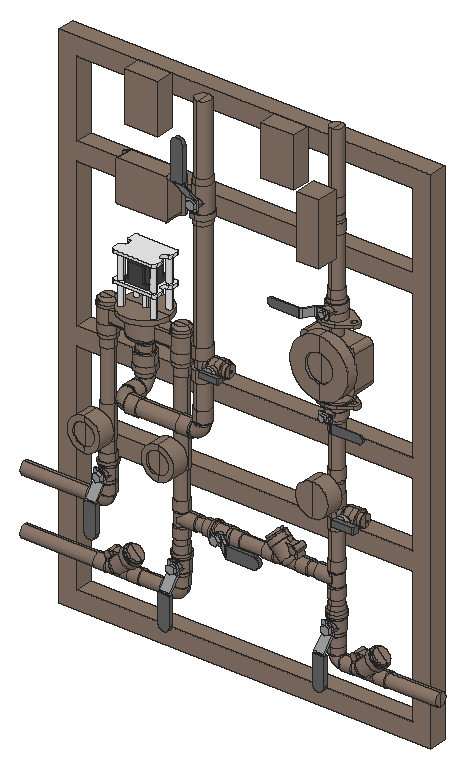
Revit family "Plumbing_Valves_Leonard-Valve_Proton-PNV-125-LF-M", category Pipe Accessories, Revit 2018
Family settings
  Round Connector Dimension = Use Diameter
  Part Type = Normal
  OmniClass Number = 23.65.55.14.24
  Work Plane-Based = Yes
  Always vertical = Yes
  Cut with Voids When Loaded = Yes
  Shared = No
Parameters (values of type "PNV-125-LF-M")
  Water Pressure Maximum = 125.0 psi  # constant formula
  URL = "http://www.leonardvalve.com"
  Product data url = "https://www.bimobject.com/leonardvalvecompany/product/megatron-pnv-125-lf"
  Product Page URL = "https://www.leonardvalve.com/products/lines/228/product/4872"
  Product Material = Bronze - Leonard Valve Company
  Product Guid = "e33a1542-0e7d-4b04-88ef-a8c0ea55b8a8"
  Piping Method = "Method W"  # constant formula
  Outlet Temperature Range = "65º - 180ºF"  # constant formula
  Outlet = 1 1/4"
  Offset = 0"
  Model = "PNV-125-LF-M"
  Mixed Water Outlet Flow [instance] = 0.0 GPM
  Minimum Flow Rate = 0.25 GPM  # constant formula
  Maximum Pressure Drop = 50.0 psi  # constant formula
  Maximum Flow Rate = 120.0 GPM  # constant formula
  Manufacturer = "Leonard Valve"  # constant formula
  Keynote = "15400"
  Inlet = 1"
  Hot Water Inlet Flow [instance] = 0.0 GPM
  Hot Inlet Temperature Range = "120º - 180ºF"  # constant formula
  Edition number = 1
  Description = "Proton-PNV-125-LF-M"
  Default Elevation = 48"
  Cold Water Inlet Flow [instance] = 0.0 GPM
  Cold Inlet Temperature Range = "39º - 80ºF"  # constant formula
  Assembly Code = "D2090800"
Reference planes (in)
  plane 1 "Center (Front/Back)": y = 0
  plane 2: z = 0
  plane 3 "Center (Left/Right)": x = 0
  plane 4: y = 0
Dimensions and locks (in)
  "Offset": plane 4 to plane 1 "Center (Front/Back)"
  aligned and locked: level to plane 2
  aligned and locked: plane 3 "Center (Left/Right)" to nested 1
  aligned and locked: nested 1 to plane 4
Nested families (in)
  nested 1: "MEGATRON-PNV-125-LF-M" at (0, 0, 0), type "MEGATRON-PNV-125-LF-M"
Connectors (in)
  piping at (-18.99892, -3.0125, 11.00845), diameter 1, driven by "Inlet", driven by "Hot Water Inlet Flow"
    settings: on nested 1, index 1, connector inside diameter 609.6 mm, connector length 0", flow factor 0, pipe flow 0.0 GPM, pressure drop 0.0 psi, fitting loss kfactor 0, connector angle 0.00°, fixture units 0, engagement length 0", angle of deflection 0.00°, flow configuration 0, flow direction 1, fitting loss method 0, system type 19, joint type 0, gender type 0, connector reference index -1, connector utility 0, adjustable connector no, is connector primary yes, connector description "Hot Water Inlet"
  piping at (-19, -3.0125, 5.80078), diameter 1, driven by "Inlet", driven by "Cold Water Inlet Flow"
    settings: on nested 1, index 2, connector inside diameter 609.6 mm, connector length 0", flow factor 0, pipe flow 0.0 GPM, pressure drop 0.0 psi, fitting loss kfactor 0, connector angle 0.00°, fixture units 0, engagement length 0", angle of deflection 0.00°, flow configuration 0, flow direction 1, fitting loss method 0, system type 20, joint type 0, gender type 0, connector reference index -1, connector utility 0, adjustable connector no, is connector primary no, connector description "Cold Water Inlet"
  piping at (19, -3.01427, 5.30469), diameter 1, driven by "Inlet", driven by "Cold Water Inlet Flow"
    settings: on nested 1, index 3, connector inside diameter 609.6 mm, connector length 0", flow factor 0, pipe flow 0.0 GPM, pressure drop 0.0 psi, fitting loss kfactor 0, connector angle 0.00°, fixture units 0, engagement length 0", angle of deflection 0.00°, flow configuration 0, flow direction 2, fitting loss method 0, system type 8, joint type 0, gender type 0, connector reference index -1, connector utility 0, adjustable connector no, is connector primary no, connector description "Return Outlet"
  piping at (9.50098, -3.0125, 49), diameter 1, driven by "Inlet", driven by "Cold Water Inlet Flow"
    settings: on nested 1, index 4, connector inside diameter 609.6 mm, connector length 0", flow factor 0, pipe flow 0.0 GPM, pressure drop 0.0 psi, fitting loss kfactor 0, connector angle 0.00°, fixture units 0, engagement length 0", angle of deflection 0.00°, flow configuration 0, flow direction 1, fitting loss method 0, system type 8, joint type 0, gender type 0, connector reference index -1, connector utility 0, adjustable connector no, is connector primary no, connector description "Return Inlet"
  piping at (-0.49982, -5.80906, 49.00236), diameter 1.25, driven by "Outlet", driven by "Mixed Water Outlet Flow"
    settings: on nested 1, index 5, connector inside diameter 609.6 mm, connector length 0", flow factor 0, pipe flow 0.0 GPM, pressure drop 0.0 psi, fitting loss kfactor 0, connector angle 0.00°, fixture units 0, engagement length 0", angle of deflection 0.00°, flow configuration 0, flow direction 2, fitting loss method 0, system type 7, joint type 0, gender type 0, connector reference index -1, connector utility 0, adjustable connector no, is connector primary no, connector description "Mixed Water Outlet"
Definition of nested family "MEGATRON-PNV-125-LF-M"
  Parameters (values of type "MEGATRON-PNV-125-LF-M")
    Product Material = none
  Reference planes (in)
    plane 1 "Center (Front/Back)": y = 0
    plane 2: z = 0
    plane 3 "Center (Left/Right)": x = 0
    plane 4 "Ref plane 1": y = -3.0125
    plane 5 "Ref. Plane 2": y = -5.80906
    plane 6 "vertical 1": x = -8
    plane 7 "Horizontal 1": z = 21.65941
  Forms (in)
    Revolve 1, solid, material <- "Product Material", detail levels fine
      sketch origin (-0.49982, -0.47656, 0) x (0, 1, 0) y (0, 0, 1)
        loop
          line (-5.3325, 49.00236) -> (-6.01267, 49.00236) -> (-6.01267, 42.694) -> (-6.08456, 42.694) -> (-6.08456, 42.1675) -> (-6.15318, 42.1675) -> (-6.15318, 39.88757) -> (-6.20174, 39.839) -> (-6.27278, 39.839) -> (-6.27278, 39.4015) -> (-6.0826, 39.4015) -> (-6.0826, 38.875) -> (-6.01267, 38.875) -> (-6.01267, 28.85) -> (-6.12, 28.85) -> (-6.12, 27.85) -> (-5.88563, 27.85) -> (-5.88563, 27.001) -> (-6.12781, 27.001) -> (-6.12781, 26.001) -> (-6.01658, 26.001) -> (-6.01658, 23.67) -> (-6.07627, 23.67) -> (-6.07627, 22.65531)
          arc (-6.07627, 22.65531) -> (-6.06628, 22.62611) -> (-6.04048, 22.60917) r 0.04763
          line (-6.04048, 22.60917) -> (-5.3325, 22.60917) -> (-5.3325, 49.00236)
        axis (-5.3325, 49.00236) -> (-5.3325, 22.60917)
      angle from 0 to 360
    Revolve 2, solid, material <- "Product Material", detail levels fine
      sketch origin (9.50098, 6.88692, 0) x (0, 0, -1) y (0, 1, 0)
        loop
          line (-5.831, -9.89942) -> (-5.831, -9.33916)
          arc (-5.831, -9.33916) -> (-5.85623, -9.32803) -> (-5.8771, -9.31) r 0.09319
          arc (-5.8771, -9.31) -> (-5.89837, -9.28484) -> (-5.92994, -9.27543) r 0.05766
          line (-5.92994, -9.27543) -> (-6.555, -9.27543) -> (-6.555, -9.24432) -> (-7.43348, -9.24432) -> (-7.46056, -9.21724) -> (-7.7174, -9.21724) -> (-7.74718, -9.18747) -> (-8.80028, -9.18747) -> (-8.85306, -9.13469) -> (-9.05138, -9.13469) -> (-9.05138, -9.09992) -> (-9.24475, -9.09992) -> (-9.24475, -9.14688) -> (-9.53642, -9.14688) -> (-9.53642, -9.24902) -> (-9.901, -9.24902) -> (-9.901, -9.33166) -> (-10.44, -9.33166) -> (-10.44, -9.26175) -> (-11.32848, -9.26175)
          arc (-11.32848, -9.26175) -> (-11.38868, -9.27663) -> (-11.43502, -9.31785) r 0.12922
          arc (-11.43502, -9.31785) -> (-11.45032, -9.32807) -> (-11.46836, -9.33166) r 0.04715
          line (-11.46836, -9.33166) -> (-12.54315, -9.33166) -> (-12.59782, -9.28579)
          arc (-12.59782, -9.28579) -> (-12.62844, -9.26811) -> (-12.66326, -9.26197) r 0.10181
          line (-12.66326, -9.26197) -> (-13.56, -9.26197) -> (-13.56, -9.33372) -> (-16.125, -9.33372) -> (-16.125, -9.23325) -> (-17.125, -9.23325) -> (-17.125, -9.30805) -> (-17.975, -9.30805) -> (-17.975, -9.23218) -> (-18.975, -9.23218) -> (-18.975, -9.33261) -> (-19.91329, -9.33261) -> (-20.15571, -9.27205) -> (-21.065, -9.27205) -> (-21.065, -9.33218) -> (-24.2, -9.33218) -> (-24.2, -9.23418) -> (-24.95, -9.23418) -> (-24.95, -9.20293) -> (-25.25, -9.20293) -> (-25.25, -9.04506) -> (-25.91632, -9.04506) -> (-25.94911, -9.03928) -> (-25.97742, -9.01946) -> (-26.55, -9.01946) -> (-26.55, -8.51996) -> (-26.8, -8.51996) -> (-26.8, -8.71052) -> (-26.9, -8.71052) -> (-26.9, -9.37717) -> (-33.09896, -9.37717) -> (-33.09896, -9.01872) -> (-34.03005, -9.01872)
          arc (-34.03005, -9.01872) -> (-34.05035, -9.03626) -> (-34.07643, -9.04258) r 0.05701
          line (-34.07643, -9.04258) -> (-34.72816, -9.04258) -> (-34.75, -9.06442) -> (-34.75, -9.20154) -> (-35.05, -9.20154) -> (-35.07209, -9.23295) -> (-35.8, -9.23295) -> (-35.8, -9.33726) -> (-40.38014, -9.33726) -> (-40.38014, -9.27109) -> (-41.28434, -9.27109) -> (-41.48892, -9.33364) -> (-41.95509, -9.33364) -> (-41.99676, -9.29197) -> (-43.375, -9.29197) -> (-43.375, -9.33754) -> (-49, -9.33754) -> (-49, -9.89942) -> (-5.831, -9.89942)
        axis (-49, -9.89942) -> (-5.831, -9.89942)
      angle from 0 to 360
    Extrusion 3, solid, material <- "Product Material", detail levels fine
      sketch origin (0, 0, 0) x (1, 0, 0) y (0, 0, 1)
        loop
          line (17, 47) -> (-17, 47) -> (-17, 0) -> (17, 0) -> (17, 47)
        loop
          line (-15.375, 45.375) -> (-15.375, 38.375) -> (15.375, 38.375) -> (15.375, 45.375) -> (-15.375, 45.375)
        loop
          line (-15.375, 36.75) -> (-15.375, 23.25) -> (15.375, 23.25) -> (15.375, 36.75) -> (-15.375, 36.75)
        loop
          line (-15.375, 21.625) -> (-15.375, 15.625) -> (15.375, 15.625) -> (15.375, 21.625) -> (-15.375, 21.625)
        loop
          line (-15.375, 14) -> (-15.375, 1.625) -> (15.375, 1.625) -> (15.375, 14) -> (-15.375, 14)
      from 0 to 1.60625
    Revolve 4, solid, material <- "Product Material", detail levels fine
      sketch origin (-0.20312, -3.01427, -0.54687) x (1, 0, 0) y (0, 0, 1)
        loop
          line (19.20312, 5.85156) -> (10.45312, 5.85156) -> (10.45312, 5.21808) -> (11.43062, 5.21808) -> (11.43062, 5.269) -> (13.53562, 5.269) -> (13.53562, 5.21808) -> (14.51312, 5.21808) -> (14.51312, 5.28516) -> (19.20312, 5.28516) -> (19.20312, 5.85156)
        axis (10.45312, 5.85156) -> (19.20312, 5.85156)
      angle from 0 to 360
    Revolve 5, solid, material <- "Product Material", detail levels fine
      sketch origin (-16.73912, -3.02572, 0.37793) x (-1, 0, 0) y (0, 0, 1)
        loop
          line (-5.36412, 27.4735) -> (-5.36412, 11.35244) -> (-4.71619, 11.35244) -> (-4.71619, 12.25155) -> (-4.68577, 12.28196) -> (-4.68577, 12.5404) -> (-4.65593, 12.57024) -> (-4.65593, 13.62264) -> (-4.59827, 13.68031) -> (-4.59827, 13.87345) -> (-4.56738, 13.87345) -> (-4.56738, 14.06682) -> (-4.71558, 14.06682) -> (-4.71558, 14.72307) -> (-4.8002, 14.72307) -> (-4.8002, 15.74707) -> (-4.73818, 15.74707) -> (-4.73818, 18.74707) -> (-4.80093, 18.74707) -> (-4.80093, 23.39107) -> (-4.74935, 23.39107) -> (-4.74935, 24.21207) -> (-4.60555, 24.21207) -> (-4.60555, 24.54707) -> (-4.57342, 24.54707) -> (-4.57342, 25.41207) -> (-4.53832, 25.41207) -> (-4.53832, 26.77207) -> (-4.49859, 26.77207) -> (-4.49859, 26.9725) -> (-4.54412, 26.9725) -> (-4.54412, 27.2235) -> (-4.61412, 27.2235) -> (-4.82389, 27.4735) -> (-5.36412, 27.4735)
        axis (-5.36412, 27.4735) -> (-5.36412, 11.35244)
      angle from 0 to 360
    Revolve 6, solid, material <- "Product Material", detail levels fine
      sketch origin (0, -3.0125, -0.34375) x (0, 0, -1) y (-1, 0, 0)
        loop
          line (-6.14453, 19) -> (-6.14453, 5.2318) -> (-5.54318, 5.2318)
          arc (-5.54318, 5.2318) -> (-5.51852, 5.25712) -> (-5.50952, 5.29129) r 0.0694
          line (-5.50952, 5.29129) -> (-5.50952, 6.20135) -> (-5.58171, 6.20135) -> (-5.58171, 8.20133) -> (-5.51297, 8.20133) -> (-5.51297, 9.17885) -> (-5.56729, 9.17885) -> (-5.56729, 11.28385) -> (-5.51297, 11.28385) -> (-5.51297, 12.26135) -> (-5.58164, 12.26135) -> (-5.58164, 19) -> (-6.14453, 19)
        axis (-6.14453, 19) -> (-6.14453, 5.2318)
      angle from 0 to 360
    Sweep 7, solid, material <- "Product Material", detail levels fine
      path origin (1.14062, -3.0125, -4.06458) x (1, 0, 0) y (0, 0, -1)
        loop
          line (-5.76953, -10.63521) -> (-5.76953, -10.5002)
          arc (-5.76953, -10.5002) -> (-5.95089, -10.06235) -> (-6.38874, -9.88099) r 0.61921
      profile origin (-4.62891, -3.0125, 6.50312) x (0, 1, 0) y (-1, 0, 0)
        loop
          circle (0, 0) r 0.57874
    Revolve 8, solid, material <- "Product Material", detail levels fine
      sketch origin (-7.23047, -3.0125, 4.88345) x (0, 0, -1) y (-1, 0, 0)
        loop
          line (-6.125, 11.76845) -> (-6.68001, 11.76845) -> (-6.68001, 5.715) -> (-6.74927, 5.715) -> (-6.74927, 4.80973)
          arc (-6.74927, 4.80973) -> (-6.74439, 4.7841) -> (-6.73045, 4.76205) r 0.06981
          line (-6.73045, 4.76205) -> (-6.125, 4.76205) -> (-6.125, 11.76845)
        axis (-6.125, 11.76845) -> (-6.125, 4.76205)
      angle from 0 to 360
    Sweep 9, solid, material <- "Product Material", detail levels fine
      path origin (-5.61226, -3.0125, 1.14442) x (1, 0, 0) y (0, 0, -1)
        loop
          line (-5.75, -10.58595) -> (-5.75, -10.45465)
          arc (-5.75, -10.45465) -> (-5.91984, -10.04461) -> (-6.32988, -9.87476) r 0.57988
          line (-6.32988, -9.87476) -> (-6.38026, -9.87476)
      profile origin (-11.36226, -3.0125, 11.66472) x (0, 1, 0) y (-1, 0, 0)
        loop
          circle (0, 0) r 0.5315
    Revolve 10, solid, material <- "Product Material", detail levels fine
      sketch origin (0, -3.0125, -0.40625) x (0, 0, -1) y (-1, 0, 0)
        loop
          line (-12.40937, -9.53014) -> (-11.77775, -9.53014) -> (-11.77775, -7.94) -> (-11.84828, -7.94) -> (-11.84828, -7.19) -> (-11.77781, -7.19) -> (-11.77781, -6.2125) -> (-11.828, -6.2125) -> (-11.828, -4.1075) -> (-11.77391, -4.1075) -> (-11.77391, -3.13) -> (-11.84365, -3.13) -> (-11.84365, -1.02465) -> (-11.75764, -1.02465) -> (-11.75764, -0.14982) -> (-11.72728, -0.11947) -> (-11.72728, 0.13799) -> (-11.69788, 0.16739) -> (-11.69788, 1.22012) -> (-11.6435, 1.27451) -> (-11.6435, 1.47173) -> (-11.6106, 1.47173) -> (-11.6106, 1.6651) -> (-11.7581, 1.6651) -> (-11.7581, 2.32135) -> (-11.84732, 2.32135) -> (-11.84732, 3.07318) -> (-11.77775, 3.07318) -> (-11.77775, 4.59968) -> (-12.40937, 4.59968) -> (-12.40937, -9.53014)
        axis (-12.40937, 4.59968) -> (-12.40937, -9.53014)
      angle from 0 to 360
    Extrusion 11, solid, material <- "Product Material", detail levels fine
      sketch origin (0, 0, 0) x (1, 0, 0) y (0, 0, 1)
        loop
          line (-9.7, 47) -> (-9.7, 42.5) -> (-6.7, 42.5) -> (-6.7, 47) -> (-9.7, 47)
        loop
          line (2.7625, 47) -> (2.7625, 42.5) -> (5.7625, 42.5) -> (5.7625, 47) -> (2.7625, 47)
      from 1.60625 to 3.25
    Extrusion 12, solid, material <- "Product Material", detail levels fine
      sketch origin (0, 0, 0) x (1, 0, 0) y (0, 0, 1)
        loop
          line (-10.6, 39.1875) -> (-10.6, 35.9375)
          arc (-10.6, 35.9375) -> (-10.52678, 35.76072) -> (-10.35, 35.6875) r 0.25
          line (-10.35, 35.6875) -> (-6.05, 35.6875)
          arc (-6.05, 35.6875) -> (-5.87322, 35.76072) -> (-5.8, 35.9375) r 0.25
          line (-5.8, 35.9375) -> (-5.8, 39.1875)
          arc (-5.8, 39.1875) -> (-5.87322, 39.36428) -> (-6.05, 39.4375) r 0.25
          line (-6.05, 39.4375) -> (-10.35, 39.4375)
          arc (-10.35, 39.4375) -> (-10.52678, 39.36428) -> (-10.6, 39.1875) r 0.25
      from 1.60625 to 3.165
    Revolve 13, solid, material <- "Product Material", detail levels fine
      sketch origin (-0.25, -3.0125, 0.70312) x (0, 0, -1) y (-1, 0, 0)
        loop
          line (-27.36121, 5.55) -> (-26.97222, 5.55) -> (-26.97222, 6.13127)
          arc (-26.97222, 6.13127) -> (-26.93676, 6.21687) -> (-26.85116, 6.25233) r 0.12106
          line (-26.85116, 6.25233) -> (-25.2925, 6.25233)
          arc (-25.2925, 6.25233) -> (-25.20095, 6.29025) -> (-25.16303, 6.3818) r 0.12947
          line (-25.16303, 6.3818) -> (-25.16303, 6.67473)
          arc (-25.16303, 6.67473) -> (-25.14343, 6.74659) -> (-25.09006, 6.79855) r 0.14153
          line (-25.09006, 6.79855) -> (-24.60595, 7.06661)
          arc (-24.60595, 7.06661) -> (-24.54194, 7.09212) -> (-24.47359, 7.10081) r 0.27322
          line (-24.47359, 7.10081) -> (-23.89368, 7.10081)
          arc (-23.89368, 7.10081) -> (-23.85046, 7.08291) -> (-23.83256, 7.03969) r 0.06112
          line (-23.83256, 7.03969) -> (-23.83256, 6.9065)
          arc (-23.83256, 6.9065) -> (-23.81337, 6.86018) -> (-23.76705, 6.84099) r 0.06551
          line (-23.76705, 6.84099) -> (-22.79688, 6.84099) -> (-22.79688, 6.80948) -> (-22.34688, 6.80948) -> (-22.34688, 7.00026) -> (-21.89688, 7.00026) -> (-21.89688, 7.75) -> (-27.36121, 7.75) -> (-27.36121, 5.55)
        axis (-27.36121, 7.75) -> (-21.89688, 7.75)
      angle from 0 to 360
    Revolve 14, solid, material <- "Product Material", detail levels fine
      sketch origin (0, -5.80223, 0) x (0, 0, 1) y (-1, 0, 0)
        loop
          line (22.41841, 2.4) -> (22.34719, 2.4) -> (22.34719, 6.15) -> (22.41841, 6.15) -> (22.41841, 7.11759)
          arc (22.41841, 7.11759) -> (22.40966, 7.15294) -> (22.38544, 7.18012) r 0.07578
          arc (22.38544, 7.18012) -> (22.35905, 7.20851) -> (22.34737, 7.24547) r 0.0882
          line (22.34737, 7.24547) -> (21.65941, 7.24547) -> (21.65941, 1.28084) -> (22.3615, 1.28084)
          arc (22.3615, 1.28084) -> (22.40174, 1.29751) -> (22.41841, 1.33775) r 0.05691
          line (22.41841, 1.33775) -> (22.41841, 2.4)
        axis (21.65941, 7.24547) -> (21.65941, 1.28084)
      angle from 0 to 360
    Sweep 15, solid, material <- "Product Material", detail levels fine
      path origin (0, -5.3325, 0) x (0, 0, 1) y (-1, 0, 0)
        loop
          line (22.60917, 0.49982) -> (22.37935, 0.49982)
          arc (22.37935, 0.49982) -> (21.87027, 0.71068) -> (21.65941, 1.21975) r 0.71994
          line (21.65941, 1.21975) -> (21.65941, 1.2831)
      profile origin (-0.49982, -5.3325, 22.49426) x (0, -1, 0) y (1, 0, 0)
        loop
          circle (0.46875, 0) r 0.6063
    Sweep 16, solid, material <- "Product Material", detail levels fine
      path origin (-0.21007, -0.38782, 21.39671) x (0, 1, 0) y (-1, 0, 0)
        loop
          arc (-5.41468, 6.96593) -> (-5.16799, 7.56149) -> (-4.57244, 7.80817) r 0.84224
          line (-4.57244, 7.80817) -> (-4.47468, 7.80817)
      profile origin (-8.01824, -4.91138, 21.39671) x (-1, 0, 0) y (0, 0, 1)
        loop
          circle (0, 0.26562) r 0.66929
    Revolve 17, solid, material <- "Product Material", detail levels fine
      sketch origin (0, 0, 21.66234) x (0, 1, 0) y (-1, 0, 0)
        loop
          line (-4.8625, 7.99776) -> (-3.76441, 7.99776) -> (-3.76441, 8.68913)
          arc (-3.76441, 8.68913) -> (-3.80497, 8.70181) -> (-3.8352, 8.73167) r 0.09006
          arc (-3.8352, 8.73167) -> (-3.85762, 8.75312) -> (-3.88765, 8.76092) r 0.06165
          line (-3.88765, 8.76092) -> (-4.8625, 8.76092) -> (-4.8625, 7.99776)
        axis (-3.76441, 7.99776) -> (-4.8625, 7.99776)
      angle from 0 to 360
    Extrusion 18, solid, material <- "Product Material", detail levels fine
      sketch origin (-0.40234, 0, 0) x (1, 0, 0) y (0, 1, 0)
        loop
          line (11.76434, -2.61519) -> (10.67155, -1.87437)
          arc (10.67155, -1.87437) -> (9.9, -1.6375) -> (9.12845, -1.87437) r 1.375
          line (9.12845, -1.87437) -> (8.03566, -2.61519)
          arc (8.03566, -2.61519) -> (7.825, -3.0125) -> (8.03566, -3.40981) r 0.48
          line (8.03566, -3.40981) -> (9.12845, -4.15063)
          arc (9.12845, -4.15063) -> (9.9, -4.3875) -> (10.67155, -4.15063) r 1.375
          line (10.67155, -4.15063) -> (11.76434, -3.40981)
          arc (11.76434, -3.40981) -> (11.975, -3.0125) -> (11.76434, -2.61519) r 0.48
        loop
          circle (8.305, -3.0125) r 0.25
        loop
          circle (11.495, -3.0125) r 0.25
      from 26.55 to 26.8
    Extrusion 19, solid, material <- "Product Material", detail levels fine
      sketch origin (-0.39844, 0, 0) x (1, 0, 0) y (0, 1, 0)
        loop
          line (11.76434, -2.61519) -> (10.67155, -1.87437)
          arc (10.67155, -1.87437) -> (9.9, -1.6375) -> (9.12845, -1.87437) r 1.375
          line (9.12845, -1.87437) -> (8.03566, -2.61519)
          arc (8.03566, -2.61519) -> (7.825, -3.0125) -> (8.03566, -3.40981) r 0.48
          line (8.03566, -3.40981) -> (9.12845, -4.15063)
          arc (9.12845, -4.15063) -> (9.9, -4.3875) -> (10.67155, -4.15063) r 1.375
          line (10.67155, -4.15063) -> (11.76434, -3.40981)
          arc (11.76434, -3.40981) -> (11.975, -3.0125) -> (11.76434, -2.61519) r 0.48
        loop
          circle (8.305, -3.0125) r 0.25
        loop
          circle (11.495, -3.0125) r 0.25
      from 33.45 to 33.2
    Extrusion 20, solid, material <- "Product Material", detail levels fine
      sketch origin (-0.40625, 0, 0) x (1, 0, 0) y (0, 0, 1)
        loop
          arc (7.9, 32) -> (7.54645, 31.85355) -> (7.4, 31.5) r 0.5
          line (7.4, 31.5) -> (7.4, 28.5)
          arc (7.4, 28.5) -> (7.54645, 28.14645) -> (7.9, 28) r 0.5
          line (7.9, 28) -> (11.9, 28)
          arc (11.9, 28) -> (12.25355, 28.14645) -> (12.4, 28.5) r 0.5
          line (12.4, 28.5) -> (12.4, 31.5)
          arc (12.4, 31.5) -> (12.25355, 31.85355) -> (11.9, 32) r 0.5
          line (11.9, 32) -> (7.9, 32)
      from 2.0125 to 4.0125
    Revolve 21, solid, material <- "Product Material", detail levels fine
      sketch origin (9.48437, 0, 0) x (0, 1, 0) y (0, 0, 1)
        loop
          line (-4.8125, 30) -> (-4.0125, 30) -> (-4.0125, 32.65) -> (-5.0125, 32.65) -> (-5.0125, 31.24905) -> (-4.8125, 31.24905) -> (-4.8125, 30)
        axis (-4.0125, 30) -> (-5.0125, 30)
      angle from 0 to 360
    Revolve 22, solid, material <- "Product Material", detail levels fine
      sketch origin (-11.375, 0.375, -1.25) x (0, 1, 0) y (0, 0, 1)
        loop
          line (-3.86225, 18.875) -> (-6.1, 18.875) -> (-6.1, 17.875) -> (-6.2, 17.875) -> (-6.2, 17.375) -> (-4.7, 17.375) -> (-4.7, 18.73759)
          arc (-4.7, 18.73759) -> (-4.66464, 18.72295) -> (-4.65, 18.68759) r 0.05
          line (-4.65, 18.68759) -> (-4.65, 18.44199) -> (-4.37983, 18.44199) -> (-4.35267, 18.5) -> (-4.24633, 18.5) -> (-4.24633, 18.56237) -> (-3.86225, 18.56237) -> (-3.86225, 18.875)
        axis (-3.86225, 18.875) -> (-6.2, 18.875)
      angle from 0 to 360
    Revolve 23, solid, material <- "Product Material", detail levels fine
      sketch origin (9.49608, 0.38367, 0.68947) x (0, 1, 0) y (0, 0, 1)
        loop
          line (-3.56516, 18.875) -> (-6.205, 18.875) -> (-6.205, 17.375) -> (-4.705, 17.375) -> (-4.705, 18.75247)
          arc (-4.705, 18.75247) -> (-4.66916, 18.73178) -> (-4.655, 18.69288) r 0.06051
          line (-4.655, 18.69288) -> (-4.655, 18.44175) -> (-4.35278, 18.44175) -> (-4.35278, 18.49962) -> (-4.255, 18.49962) -> (-4.255, 18.57018) -> (-3.56516, 18.57018) -> (-3.56516, 18.875)
        axis (-3.56516, 18.875) -> (-6.205, 18.875)
      angle from 0 to 360
    Revolve 24, solid, material <- "Product Material", detail levels fine
      sketch origin (-4.93785, -3.0125, 6.02715) x (0, 0, -1) y (1, 0, 0)
        loop
          line (-7.72581, 8.71989) -> (-5.85018, 10.59551) -> (-6.08078, 10.82612)
          arc (-6.08078, 10.82612) -> (-6.43434, 10.97257) -> (-6.78789, 10.82612) r 0.5
          line (-6.78789, 10.82612) -> (-7.69125, 9.92277) -> (-7.72816, 9.95968) -> (-8.09861, 9.58923)
          arc (-8.09861, 9.58923) -> (-8.11017, 9.56725) -> (-8.10723, 9.54258) r 0.04184
          arc (-8.10723, 9.54258) -> (-8.14949, 9.5381) -> (-8.14799, 9.49563) r 0.03117
          line (-8.14799, 9.49563) -> (-8.07098, 9.41861)
          arc (-8.07098, 9.41861) -> (-8.0606, 9.39357) -> (-8.07098, 9.36852) r 0.03542
          line (-8.07098, 9.36852) -> (-8.22271, 9.21679) -> (-7.72581, 8.71989)
        axis (-7.72581, 8.71989) -> (-5.85018, 10.59551)
      angle from 0 to 360
    Extrusion 25, solid, material <- "Product Material", detail levels fine
      sketch origin (-4.72582, 0, 6.00173) x (-1, 0, 0) y (0, 0, -1)
        loop
          line (-10.56519, -7.42034) -> (-9.87799, -7.42034) -> (-10.48876, -6.80957)
          arc (-10.48876, -6.80957) -> (-10.61744, -6.6445) -> (-10.68832, -6.44757) r 0.66363
          line (-10.68832, -6.44757) -> (-10.93832, -6.44757) -> (-10.93832, -6.51266) -> (-11.00705, -6.51266) -> (-10.94101, -7.14101)
          arc (-10.94101, -7.14101) -> (-10.45503, -6.87964) -> (-10.56519, -7.42034) r 0.30469
      from 2.63383 to 3.38383
    Extrusion 26, solid, material <- "Product Material", detail levels fine
      sketch origin (-4.72582, 0, 6.00173) x (-1, 0, 0) y (0, 0, -1)
        loop
          circle (-10.63678, -7.12418) r 0.30469
      from 2.43258 to 3.58508
    Revolve 27, solid, material <- "Product Material", detail levels fine
      sketch origin (-0.13672, -5.80125, 1) x (0, 0, 1) y (-1, 0, 0)
        loop
          line (26.52875, -2.1375) -> (26.975, -2.1375) -> (26.975, -2.0675) -> (26.975, -1.6875) -> (27.15228, -1.6875)
          arc (27.15228, -1.6875) -> (27.16848, -1.68079) -> (27.17519, -1.66459) r 0.02291
          line (27.17519, -1.66459) -> (27.17519, -1.1875) -> (27.1257, -1.1875) -> (27.1257, -0.60999)
          arc (27.1257, -0.60999) -> (27.11911, -0.59409) -> (27.10321, -0.5875) r 0.02249
          line (27.10321, -0.5875) -> (27.05013, -0.5875) -> (27.05013, -0.40868)
          arc (27.05013, -0.40868) -> (27.04392, -0.3937) -> (27.02894, -0.3875) r 0.02118
          line (27.02894, -0.3875) -> (26.92579, -0.3875) -> (26.92579, 0.28157) -> (26.42845, 0.28157) -> (26.42845, -2.2575) -> (26.50007, -2.2575) -> (26.50007, -2.16619)
          arc (26.50007, -2.16619) -> (26.50847, -2.1459) -> (26.52875, -2.1375) r 0.02869
        axis (26.42845, 0.28157) -> (26.42845, -2.2575)
      angle from 0 to 360
    Extrusion 28, solid, detail levels fine
      sketch origin (-9.94609, -0.46875, 9.675) x (1, 0, 0) y (0, 0, 1)
        loop
          circle (10.949, 17.74749) r 0.5
      from 6.3825 to 6.6825
    Extrusion 29, solid, detail levels fine
      sketch origin (-10.08672, 0, 9.675) x (1, 0, 0) y (0, 1, 0)
        loop
          line (10.6402, -7.1525) -> (10.6402, -7.5525) -> (12.22862, -7.5525)
          arc (12.22862, -7.5525) -> (12.30446, -7.52443) -> (12.34375, -7.45376) r 0.11649
          line (12.34375, -7.45376) -> (12.3902, -7.1525) -> (10.6402, -7.1525)
      from 17.526 to 17.976
    Extrusion 30, solid, detail levels fine
      sketch origin (-0.25, 0, 0.70312) x (1, 0, 0) y (0, 1, 0)
        loop
          line (-6, -1.60625) -> (-9.5, -1.60625)
          arc (-9.5, -1.60625) -> (-9.67678, -1.67947) -> (-9.75, -1.85625) r 0.25
          line (-9.75, -1.85625) -> (-9.75, -2.39089)
          arc (-9.75, -2.39089) -> (-9.68574, -2.55822) -> (-9.526, -2.63953) r 0.25
          arc (-9.526, -2.63953) -> (-9.19, -3.0125) -> (-9.526, -3.38547) r 0.375
          arc (-9.526, -3.38547) -> (-9.68574, -3.46678) -> (-9.75, -3.63411) r 0.25
          line (-9.75, -3.63411) -> (-9.75, -4.16875)
          arc (-9.75, -4.16875) -> (-9.67678, -4.34553) -> (-9.5, -4.41875) r 0.25
          line (-9.5, -4.41875) -> (-6, -4.41875)
          arc (-6, -4.41875) -> (-5.82322, -4.34553) -> (-5.75, -4.16875) r 0.25
          line (-5.75, -4.16875) -> (-5.75, -3.63411)
          arc (-5.75, -3.63411) -> (-5.81426, -3.46678) -> (-5.974, -3.38547) r 0.25
          arc (-5.974, -3.38547) -> (-6.31, -3.0125) -> (-5.974, -2.63953) r 0.375
          arc (-5.974, -2.63953) -> (-5.81426, -2.55822) -> (-5.75, -2.39089) r 0.25
          line (-5.75, -2.39089) -> (-5.75, -1.85625)
          arc (-5.75, -1.85625) -> (-5.82322, -1.67947) -> (-6, -1.60625) r 0.25
      from 31.75 to 32
    Extrusion 31, solid, detail levels fine
      sketch origin (-0.25, 0, -1.79688) x (1, 0, 0) y (0, 1, 0)
        loop
          line (-6, -1.60625) -> (-9.5, -1.60625)
          arc (-9.5, -1.60625) -> (-9.67678, -1.67947) -> (-9.75, -1.85625) r 0.25
          line (-9.75, -1.85625) -> (-9.75, -2.39089)
          arc (-9.75, -2.39089) -> (-9.68574, -2.55822) -> (-9.526, -2.63953) r 0.25
          arc (-9.526, -2.63953) -> (-9.19, -3.0125) -> (-9.526, -3.38547) r 0.375
          arc (-9.526, -3.38547) -> (-9.68574, -3.46678) -> (-9.75, -3.63411) r 0.25
          line (-9.75, -3.63411) -> (-9.75, -4.16875)
          arc (-9.75, -4.16875) -> (-9.67678, -4.34553) -> (-9.5, -4.41875) r 0.25
          line (-9.5, -4.41875) -> (-6, -4.41875)
          arc (-6, -4.41875) -> (-5.82322, -4.34553) -> (-5.75, -4.16875) r 0.25
          line (-5.75, -4.16875) -> (-5.75, -3.63411)
          arc (-5.75, -3.63411) -> (-5.81426, -3.46678) -> (-5.974, -3.38547) r 0.25
          arc (-5.974, -3.38547) -> (-6.31, -3.0125) -> (-5.974, -2.63953) r 0.375
          arc (-5.974, -2.63953) -> (-5.81426, -2.55822) -> (-5.75, -2.39089) r 0.25
          line (-5.75, -2.39089) -> (-5.75, -1.85625)
          arc (-5.75, -1.85625) -> (-5.82322, -1.67947) -> (-6, -1.60625) r 0.25
      from 31.75 to 32
    Extrusion 32, solid, detail levels fine
      sketch origin (-0.25, -3.75, 0.70312) x (1, 0, 0) y (0, 1, 0)
        loop
          circle (-9.25104, 1.64308) r 0.25
        loop
          circle (-6.25104, 1.64308) r 0.25
        loop
          circle (-9.25104, -0.16808) r 0.25
        loop
          circle (-6.25104, -0.16808) r 0.25
      from 27.36 to 31.75
    Extrusion 33, solid, detail levels fine
      sketch origin (-0.25, 0, 30.20312) x (1, 0, 0) y (0, 1, 0)
        loop
          arc (-6.81, -4.1225) -> (-6.68979, -4.07271) -> (-6.64, -3.9525) r 0.17
          line (-6.64, -3.9525) -> (-6.64, -2.0725)
          arc (-6.64, -2.0725) -> (-6.68979, -1.95229) -> (-6.81, -1.9025) r 0.17
          line (-6.81, -1.9025) -> (-8.69, -1.9025)
          arc (-8.69, -1.9025) -> (-8.81021, -1.95229) -> (-8.86, -2.0725) r 0.17
          line (-8.86, -2.0725) -> (-8.86, -3.9525)
          arc (-8.86, -3.9525) -> (-8.81021, -4.07271) -> (-8.69, -4.1225) r 0.17
          line (-8.69, -4.1225) -> (-6.81, -4.1225)
      from 0 to 0.3937
    Extrusion 34, solid, detail levels fine
      sketch origin (-0.25, 0, 30.20312) x (1, 0, 0) y (0, 1, 0)
        loop
          line (-8.37589, -4.1225) -> (-7.12411, -4.1225)
          arc (-7.12411, -4.1225) -> (-7.04059, -4.08791) -> (-7.006, -4.00439) r 0.11811
          line (-7.006, -4.00439) -> (-7.006, -3.95335)
          arc (-7.006, -3.95335) -> (-6.94834, -3.81416) -> (-6.80915, -3.7565) r 0.19685
          line (-6.80915, -3.7565) -> (-6.75811, -3.7565)
          arc (-6.75811, -3.7565) -> (-6.67459, -3.72191) -> (-6.64, -3.63839) r 0.11811
          line (-6.64, -3.63839) -> (-6.64, -2.38661)
          arc (-6.64, -2.38661) -> (-6.67459, -2.30309) -> (-6.75811, -2.2685) r 0.11811
          line (-6.75811, -2.2685) -> (-6.80915, -2.2685)
          arc (-6.80915, -2.2685) -> (-6.94834, -2.21084) -> (-7.006, -2.07165) r 0.19685
          line (-7.006, -2.07165) -> (-7.006, -2.02061)
          arc (-7.006, -2.02061) -> (-7.04059, -1.93709) -> (-7.12411, -1.9025) r 0.11811
          line (-7.12411, -1.9025) -> (-8.37589, -1.9025)
          arc (-8.37589, -1.9025) -> (-8.45941, -1.93709) -> (-8.494, -2.02061) r 0.11811
          line (-8.494, -2.02061) -> (-8.494, -2.07165)
          arc (-8.494, -2.07165) -> (-8.55166, -2.21084) -> (-8.69085, -2.2685) r 0.19685
          line (-8.69085, -2.2685) -> (-8.74189, -2.2685)
          arc (-8.74189, -2.2685) -> (-8.82541, -2.30309) -> (-8.86, -2.38661) r 0.11811
          line (-8.86, -2.38661) -> (-8.86, -3.63839)
          arc (-8.86, -3.63839) -> (-8.82541, -3.72191) -> (-8.74189, -3.7565) r 0.11811
          line (-8.74189, -3.7565) -> (-8.69085, -3.7565)
          arc (-8.69085, -3.7565) -> (-8.55166, -3.81416) -> (-8.494, -3.95335) r 0.19685
          line (-8.494, -3.95335) -> (-8.494, -4.00439)
          arc (-8.494, -4.00439) -> (-8.45941, -4.08791) -> (-8.37589, -4.1225) r 0.11811
      from 0.3937 to 1.78
    Extrusion 35, solid, material <- "Product Material", detail levels fine
      sketch origin (-0.40625, 0, 0.25) x (1, 0, 0) y (0, 0, 1)
        loop
          line (8.9, 44.45) -> (8.9, 38.8) -> (10.9, 38.8) -> (10.9, 44.45) -> (8.9, 44.45)
      from 4.32133 to 6.32133
    Extrusion 36, solid, detail levels fine
      sketch origin (-0.39844, -0.09375, 0) x (1, 0, 0) y (0, 0, 1)
        loop
          line (11.35043, 26.12333) -> (11.35043, 25.37043) -> (13.87105, 25.37043)
          arc (13.87105, 25.37043) -> (14.2475, 25.74688) -> (13.87105, 26.12333) r 0.37645
          line (13.87105, 26.12333) -> (11.35043, 26.12333)
      from 5.29024 to 5.3875
    Extrusion 37, solid, detail levels fine
      sketch origin (-0.39844, 0, 0) x (1, 0, 0) y (0, 0, 1)
        loop
          arc (9.40032, 25.48626) -> (9.42499, 25.40871) -> (9.49927, 25.37437) r 0.09958
          line (9.49927, 25.37437) -> (10.45043, 25.37437) -> (10.45043, 26.12546) -> (9.50002, 26.12546)
          arc (9.50002, 26.12546) -> (9.42952, 26.09626) -> (9.40032, 26.02576) r 0.0997
          line (9.40032, 26.02576) -> (9.40032, 25.48626)
      from 4.3875 to 4.4875
    Extrusion 38, solid, detail levels fine
      sketch origin (-0.39844, -0.09375, 0) x (1, 0, 0) y (0, 1, 0)
        loop
          arc (10.76121, -4.55264) -> (10.6264, -4.43135) -> (10.45043, -4.3875) r 0.375
          line (10.45043, -4.3875) -> (10.45043, -4.48795)
          arc (10.45043, -4.48795) -> (10.5791, -4.52027) -> (10.67766, -4.60906) r 0.275
          line (10.67766, -4.60906) -> (11.12186, -5.26685)
          arc (11.12186, -5.26685) -> (11.22102, -5.35595) -> (11.35043, -5.38795) r 0.275
          line (11.35043, -5.38795) -> (11.35043, -5.2875)
          arc (11.35043, -5.2875) -> (11.26831, -5.26704) -> (11.2054, -5.21043) r 0.175
          line (11.2054, -5.21043) -> (10.76121, -4.55264)
      from 25.37437 to 26.12546
    Extrusion 39, solid, detail levels fine
      sketch origin (-0.39844, 0, 0) x (1, 0, 0) y (0, 0, 1)
        loop
          line (9.6, 25.75) -> (9.75, 25.49019) -> (10.05, 25.49019) -> (10.2, 25.75) -> (10.05, 26.00981) -> (9.75, 26.00981) -> (9.6, 25.75)
      from 4.4875 to 4.7875
    Extrusion 40, solid, material <- "Product Material", detail levels fine
      sketch origin (-0.39062, 0, 0) x (1, 0, 0) y (0, 0, 1)
        loop
          circle (9.89891, 25.75087) r 0.39139
      from 3.0125 to 4.3875
    Extrusion 41, solid, detail levels fine
      sketch origin (-16.24612, -0.13281, 17.88077) x (0, 0, -1) y (1, 0, 0)
        loop
          arc (11.37306, 26.27268) -> (11.33248, 26.25587) -> (11.31567, 26.21529) r 0.05739
          line (11.31567, 26.21529) -> (11.31567, 25.28077)
          arc (11.31567, 25.28077) -> (11.33268, 25.2397) -> (11.37376, 25.22268) r 0.05809
          line (11.37376, 25.22268) -> (13.82027, 25.22268)
          arc (13.82027, 25.22268) -> (14.34527, 25.74768) -> (13.82027, 26.27268) r 0.525
          line (13.82027, 26.27268) -> (11.37306, 26.27268)
      from 4.6837 to 4.99688
    Extrusion 42, solid, detail levels fine
      sketch origin (-16.24612, 0.39398, 18.25101) x (0, 0, -1) y (1, 0, 0)
        loop
          arc (9.40032, 25.40958) -> (9.42499, 25.33203) -> (9.49927, 25.29768) r 0.09958
          line (9.49927, 25.29768) -> (10.42024, 25.29768) -> (10.42024, 26.26618) -> (10.17301, 26.26618) -> (10.17301, 26.19768) -> (10.01902, 26.19768)
          arc (10.01902, 26.19768) -> (9.70364, 26.06705) -> (9.57301, 25.75167) r 0.44601
          line (9.57301, 25.75167) -> (9.57301, 25.59768) -> (9.40032, 25.59768) -> (9.40032, 25.40958)
      from 4.3875 to 4.5125
    Extrusion 43, solid, detail levels fine
      sketch origin (-16.24612, 0.2973, 18.17966) x (0, 0, -1) y (0, 1, 0)
        loop
          arc (10.44766, -4.29358) -> (10.40132, -4.26774) -> (10.34889, -4.25957) r 0.15069
          line (10.34889, -4.25957) -> (10.34889, -4.37387) -> (11.47499, -5.31878)
          arc (11.47499, -5.31878) -> (11.51768, -5.34343) -> (11.56623, -5.35199) r 0.14194
          line (11.56623, -5.35199) -> (11.61456, -5.35199) -> (11.61456, -5.18881) -> (11.51456, -5.18881) -> (10.44766, -4.29358)
      from 25.29768 to 26.19768
    Extrusion 44, solid, detail levels fine
      sketch origin (-16.24807, 0, 17.83585) x (0, 0, -1) y (1, 0, 0)
        loop
          line (9.4004, 25.38768) -> (9.81609, 25.38768) -> (10.02393, 25.74768) -> (9.81609, 26.10768) -> (9.4004, 26.10768) -> (9.19255, 25.74768) -> (9.4004, 25.38768)
      from 4.13434 to 4.39633
    Extrusion 45, solid, detail levels fine
      sketch origin (-30.37906, -0.13281, 17.88294) x (0, 0, -1) y (1, 0, 0)
        loop
          arc (11.37306, 26.27268) -> (11.33248, 26.25587) -> (11.31567, 26.21529) r 0.05739
          line (11.31567, 26.21529) -> (11.31567, 25.28077)
          arc (11.31567, 25.28077) -> (11.33268, 25.2397) -> (11.37376, 25.22268) r 0.05809
          line (11.37376, 25.22268) -> (13.82027, 25.22268)
          arc (13.82027, 25.22268) -> (14.34527, 25.74768) -> (13.82027, 26.27268) r 0.525
          line (13.82027, 26.27268) -> (11.37306, 26.27268)
      from 4.6837 to 4.99688
    Extrusion 46, solid, detail levels fine
      sketch origin (-30.37906, 0.42523, 18.25317) x (0, 0, -1) y (1, 0, 0)
        loop
          arc (9.40032, 25.40958) -> (9.42499, 25.33203) -> (9.49927, 25.29768) r 0.09958
          line (9.49927, 25.29768) -> (10.42024, 25.29768) -> (10.42024, 26.26618) -> (10.16698, 26.26618) -> (10.16698, 26.19768) -> (9.91294, 26.19768)
          arc (9.91294, 26.19768) -> (9.57217, 25.99335) -> (9.53574, 25.59768) r 0.43917
          line (9.53574, 25.59768) -> (9.40032, 25.59768) -> (9.40032, 25.40958)
      from 4.4299 to 4.55957
    Extrusion 47, solid, detail levels fine
      sketch origin (-30.37906, 0.2973, 18.18183) x (0, 0, -1) y (0, 1, 0)
        loop
          arc (10.44766, -4.29358) -> (10.40132, -4.26774) -> (10.34889, -4.25957) r 0.15069
          line (10.34889, -4.25957) -> (10.34889, -4.37387) -> (11.47499, -5.31878)
          arc (11.47499, -5.31878) -> (11.51768, -5.34343) -> (11.56623, -5.35199) r 0.14194
          line (11.56623, -5.35199) -> (11.61456, -5.35199) -> (11.61456, -5.18881) -> (11.51456, -5.18881) -> (10.44766, -4.29358)
      from 25.29768 to 26.19768
    Extrusion 48, solid, detail levels fine
      sketch origin (-30.37906, 0, 17.83606) x (0, 0, -1) y (1, 0, 0)
        loop
          line (9.4004, 25.38768) -> (9.81609, 25.38768) -> (10.02393, 25.74768) -> (9.81609, 26.10768) -> (9.4004, 26.10768) -> (9.19255, 25.74768) -> (9.4004, 25.38768)
      from 4.12966 to 4.39633
    Extrusion 49, solid, material <- "Product Material", detail levels fine
      sketch origin (-0.40054, 0, -17.52468) x (1, 0, 0) y (0, 0, 1)
        loop
          circle (9.89891, 25.75087) r 0.45217
      from 3.0125 to 3.99352
    Extrusion 50, solid, material <- "Product Material", detail levels fine
      sketch origin (-14.52798, 0, -17.52468) x (1, 0, 0) y (0, 0, 1)
        loop
          circle (9.89891, 25.75087) r 0.45217
      from 3.0125 to 4.00466
    Extrusion 51, solid, detail levels fine
      sketch origin (-37.1258, -0.17969, 23.05223) x (0, 0, -1) y (1, 0, 0)
        loop
          arc (11.34466, 26.27268) -> (11.30408, 26.25587) -> (11.28727, 26.21529) r 0.05739
          line (11.28727, 26.21529) -> (11.28727, 25.28077)
          arc (11.28727, 25.28077) -> (11.30428, 25.2397) -> (11.34536, 25.22268) r 0.05809
          line (11.34536, 25.22268) -> (13.82027, 25.22268)
          arc (13.82027, 25.22268) -> (14.34527, 25.74768) -> (13.82027, 26.27268) r 0.525
          line (13.82027, 26.27268) -> (11.34466, 26.27268)
      from 4.64197 to 4.95514
    Extrusion 52, solid, detail levels fine
      sketch origin (-37.1258, 0.37836, 23.40685) x (0, 0, -1) y (1, 0, 0)
        loop
          arc (9.40032, 25.40958) -> (9.42499, 25.33203) -> (9.49927, 25.29768) r 0.09958
          line (9.49927, 25.29768) -> (10.42024, 25.29768) -> (10.42024, 26.26618) -> (10.16698, 26.26618) -> (10.16698, 26.19768) -> (9.91294, 26.19768)
          arc (9.91294, 26.19768) -> (9.57217, 25.99335) -> (9.53574, 25.59768) r 0.43917
          line (9.53574, 25.59768) -> (9.40032, 25.59768) -> (9.40032, 25.40958)
      from 4.3875 to 4.5125
    Extrusion 53, solid, detail levels fine
      sketch origin (-37.1258, 0.25042, 23.3355) x (0, 0, -1) y (0, 1, 0)
        loop
          arc (10.44766, -4.29358) -> (10.40132, -4.26774) -> (10.34889, -4.25957) r 0.15069
          line (10.34889, -4.25957) -> (10.34889, -4.37387) -> (11.47499, -5.31878)
          arc (11.47499, -5.31878) -> (11.51768, -5.34343) -> (11.56623, -5.35199) r 0.14194
          line (11.56623, -5.35199) -> (11.61456, -5.35199) -> (11.61456, -5.18881) -> (11.51456, -5.18881) -> (10.44766, -4.29358)
      from 25.29768 to 26.19768
    Extrusion 54, solid, detail levels fine
      sketch origin (-37.12187, 0, 23.03907) x (0, 0, -1) y (1, 0, 0)
        loop
          line (9.4004, 25.38768) -> (9.81609, 25.38768) -> (10.02393, 25.74768) -> (9.81609, 26.10768) -> (9.4004, 26.10768) -> (9.19255, 25.74768) -> (9.4004, 25.38768)
      from 4.13333 to 4.4
    Extrusion 55, solid, material <- "Product Material", detail levels fine
      sketch origin (-21.28059, 0, -12.32218) x (1, 0, 0) y (0, 0, 1)
        loop
          circle (9.89891, 25.75087) r 0.45217
      from 3.09107 to 4.00914
    Extrusion 56, solid, detail levels fine
      sketch origin (-10.2966, -0.17188, -13.74651) x (1, 0, 0) y (0, 0, 1)
        loop
          arc (11.37306, 26.27268) -> (11.33248, 26.25587) -> (11.31567, 26.21529) r 0.05739
          line (11.31567, 26.21529) -> (11.31567, 25.28077)
          arc (11.31567, 25.28077) -> (11.33268, 25.2397) -> (11.37376, 25.22268) r 0.05809
          line (11.37376, 25.22268) -> (13.84747, 25.22268)
          arc (13.84747, 25.22268) -> (14.37247, 25.74768) -> (13.84747, 26.27268) r 0.525
          line (13.84747, 26.27268) -> (11.37306, 26.27268)
      from 4.64978 to 4.96296
    Extrusion 57, solid, detail levels fine
      sketch origin (-10.62778, 0.38617, -13.74651) x (1, 0, 0) y (0, 0, 1)
        loop
          arc (9.40032, 25.40958) -> (9.42499, 25.33203) -> (9.49927, 25.29768) r 0.09958
          line (9.49927, 25.29768) -> (10.42024, 25.29768) -> (10.42024, 26.26618) -> (10.16698, 26.26618) -> (10.16698, 26.19768) -> (9.91294, 26.19768)
          arc (9.91294, 26.19768) -> (9.57217, 25.99335) -> (9.53574, 25.59768) r 0.43917
          line (9.53574, 25.59768) -> (9.40032, 25.59768) -> (9.40032, 25.40958)
      from 4.3875 to 4.5125
    Extrusion 58, solid, detail levels fine
      sketch origin (-10.55643, 0.25824, -13.74651) x (1, 0, 0) y (0, 1, 0)
        loop
          arc (10.44766, -4.29358) -> (10.40132, -4.26774) -> (10.34889, -4.25957) r 0.15069
          line (10.34889, -4.25957) -> (10.34889, -4.37672) -> (11.43202, -5.28558)
          arc (11.43202, -5.28558) -> (11.47471, -5.31022) -> (11.52326, -5.31878) r 0.14194
          line (11.52326, -5.31878) -> (11.57159, -5.31878) -> (11.57159, -5.15561) -> (11.47499, -5.15561) -> (10.44766, -4.29358)
      from 25.29768 to 26.19768
    Extrusion 59, solid, detail levels fine
      sketch origin (-10.25754, 0, -13.74651) x (1, 0, 0) y (0, 0, 1)
        loop
          line (9.4004, 25.38768) -> (9.81609, 25.38768) -> (10.02393, 25.74768) -> (9.81609, 26.10768) -> (9.4004, 26.10768) -> (9.19255, 25.74768) -> (9.4004, 25.38768)
      from 4.12966 to 4.39633
    Extrusion 60, solid, material <- "Product Material", detail levels fine
      sketch origin (25.10324, 0, 2.10511) x (0, 0, 1) y (-1, 0, 0)
        loop
          circle (9.89891, 25.75087) r 0.45217
      from 3.0125 to 4.00133
    Extrusion 61, solid, detail levels fine
      sketch origin (25.24768, -3.78935, 32.66121) x (0, 0, 1) y (-1, 0, 0)
        loop
          arc (10.72179, 26.27268) -> (10.68121, 26.25587) -> (10.6644, 26.21529) r 0.05739
          line (10.6644, 26.21529) -> (10.6644, 25.28077)
          arc (10.6644, 25.28077) -> (10.68141, 25.2397) -> (10.72248, 25.22268) r 0.05809
          line (10.72248, 25.22268) -> (13.82027, 25.22268)
          arc (13.82027, 25.22268) -> (14.34527, 25.74768) -> (13.82027, 26.27268) r 0.525
          line (13.82027, 26.27268) -> (10.72179, 26.27268)
      from 4.6837 to 4.99688
    Extrusion 62, solid, detail levels fine
      sketch origin (25.24768, -2.5442, 30.81952) x (0, 0, 1) y (-1, 0, 0)
        loop
          arc (9.40032, 25.40958) -> (9.42499, 25.33203) -> (9.49927, 25.29768) r 0.09958
          line (9.49927, 25.29768) -> (10.42024, 25.29768) -> (10.42024, 26.26618) -> (10.16698, 26.26618) -> (10.16698, 26.19768) -> (9.91294, 26.19768)
          arc (9.91294, 26.19768) -> (9.57217, 25.99335) -> (9.53574, 25.59768) r 0.43917
          line (9.53574, 25.59768) -> (9.40032, 25.59768) -> (9.40032, 25.40958)
      from 4.3875 to 4.5125
    Extrusion 63, solid, detail levels fine
      sketch origin (25.24768, -2.67214, 30.89087) x (0, 0, 1) y (0, 1, 0)
        loop
          arc (10.44766, -4.29358) -> (10.40132, -4.26774) -> (10.34889, -4.25957) r 0.15069
          line (10.34889, -4.25957) -> (10.34889, -4.37387) -> (12.29462, -6.00653)
          arc (12.29462, -6.00653) -> (12.33731, -6.03118) -> (12.38585, -6.03974) r 0.14194
          line (12.38585, -6.03974) -> (12.43475, -6.03974) -> (12.43475, -5.87656) -> (12.33419, -5.87656) -> (10.44766, -4.29358)
      from 25.29768 to 26.19768
    Extrusion 64, solid, detail levels fine
      sketch origin (25.24768, -3.08662, 31.18976) x (0, 0, 1) y (-1, 0, 0)
        loop
          line (9.4004, 25.38768) -> (9.81609, 25.38768) -> (10.02393, 25.74768) -> (9.81609, 26.10768) -> (9.4004, 26.10768) -> (9.19255, 25.74768) -> (9.4004, 25.38768)
      from 3.95445 to 4.22112
    Extrusion 65, solid, material <- "Product Material", detail levels fine
      sketch origin (9.39466, -3.10225, 66.55245) x (-1, 0, 0) y (0, 0, -1)
        loop
          circle (9.89891, 25.75087) r 0.45217
      from 3.0125 to 3.82945
    Extrusion 66, solid, detail levels fine
      sketch origin (19.39993, -0.09766, 8.49927) x (-1, 0, 0) y (0, 0, -1)
        loop
          line (11.35043, -26.12333) -> (13.87105, -26.12333)
          arc (13.87105, -26.12333) -> (14.2475, -25.74688) -> (13.87105, -25.37043) r 0.37645
          line (13.87105, -25.37043) -> (11.35043, -25.37043) -> (11.35043, -26.12333)
      from 5.29024 to 5.3875
    Extrusion 67, solid, detail levels fine
      sketch origin (19.39993, 0, 8.49927) x (-1, 0, 0) y (0, 0, -1)
        loop
          line (9.40032, -25.48626) -> (9.40032, -26.02576)
          arc (9.40032, -26.02576) -> (9.42952, -26.09626) -> (9.50002, -26.12546) r 0.0997
          line (9.50002, -26.12546) -> (10.45043, -26.12546) -> (10.45043, -25.37437) -> (9.49927, -25.37437)
          arc (9.49927, -25.37437) -> (9.42499, -25.40871) -> (9.40032, -25.48626) r 0.09958
      from 4.48516 to 4.58561
    Extrusion 68, solid, detail levels fine
      sketch origin (19.39993, -0.09766, 8.49927) x (-1, 0, 0) y (0, -1, 0)
        loop
          line (10.76121, 4.55264) -> (11.2054, 5.21043)
          arc (11.2054, 5.21043) -> (11.26831, 5.26704) -> (11.35043, 5.2875) r 0.175
          line (11.35043, 5.2875) -> (11.35043, 5.38795)
          arc (11.35043, 5.38795) -> (11.22102, 5.35595) -> (11.12186, 5.26685) r 0.275
          line (11.12186, 5.26685) -> (10.67766, 4.60906)
          arc (10.67766, 4.60906) -> (10.5791, 4.52027) -> (10.45043, 4.48795) r 0.275
          line (10.45043, 4.48795) -> (10.45043, 4.3875)
          arc (10.45043, 4.3875) -> (10.6264, 4.43135) -> (10.76121, 4.55264) r 0.375
      from 25.37437 to 26.12546
    Extrusion 69, solid, detail levels fine
      sketch origin (19.39993, 0, 8.49927) x (-1, 0, 0) y (0, 0, -1)
        loop
          line (9.6, -25.75) -> (9.75, -26.00981) -> (10.05, -26.00981) -> (10.2, -25.75) -> (10.05, -25.49019) -> (9.75, -25.49019) -> (9.6, -25.75)
      from 4.4875 to 4.7875
    Extrusion 70, solid, material <- "Product Material", detail levels fine
      sketch origin (0, 0, 0.4375) x (0, 1, 0) y (0, 0, 1)
        loop
          arc (-2.356, 26.63536) -> (-2.39365, 26.72626) -> (-2.48454, 26.7639) r 0.12854
          line (-2.48454, 26.7639) -> (-3.54082, 26.7639)
          arc (-3.54082, 26.7639) -> (-3.63139, 26.72639) -> (-3.6689, 26.63582) r 0.12808
          line (-3.6689, 26.63582) -> (-3.6689, 25.57591)
          arc (-3.6689, 25.57591) -> (-3.63235, 25.48766) -> (-3.5441, 25.4511) r 0.1248
          line (-3.5441, 25.4511) -> (-2.48181, 25.4511)
          arc (-2.48181, 25.4511) -> (-2.39285, 25.48795) -> (-2.356, 25.57692) r 0.12581
          line (-2.356, 25.57692) -> (-2.356, 26.63536)
      from -11.04349 to -4.70651
    Revolve 71, solid, material <- "Product Material", detail levels fine
      sketch origin (9.99837, -3.01322, -8.87565) x (0, 0, 1) y (-1, 0, 0)
        loop
          line (26.52875, -2.1375) -> (26.975, -2.1375) -> (26.975, -2.0675) -> (26.975, -1.6875) -> (27.15228, -1.6875)
          arc (27.15228, -1.6875) -> (27.16848, -1.68079) -> (27.17519, -1.66459) r 0.02291
          line (27.17519, -1.66459) -> (27.17519, -1.1875) -> (27.1257, -1.1875) -> (27.1257, -0.60999)
          arc (27.1257, -0.60999) -> (27.11911, -0.59409) -> (27.10321, -0.5875) r 0.02249
          line (27.10321, -0.5875) -> (27.05013, -0.5875) -> (27.05013, -0.40868)
          arc (27.05013, -0.40868) -> (27.04392, -0.3937) -> (27.02894, -0.3875) r 0.02118
          line (27.02894, -0.3875) -> (26.92579, -0.3875) -> (26.92579, 0.28157) -> (26.42845, 0.28157) -> (26.42845, -2.2575) -> (26.50007, -2.2575) -> (26.50007, -2.16619)
          arc (26.50007, -2.16619) -> (26.50847, -2.1459) -> (26.52875, -2.1375) r 0.02869
        axis (26.42845, 0.28157) -> (26.42845, -2.2575)
      angle from 0 to 360
    Extrusion 72, solid, detail levels fine
      sketch origin (0.04837, 0.3125, -0.20065) x (1, 0, 0) y (0, 0, 1)
        loop
          circle (10.949, 17.74749) r 0.5
      from 4.37133 to 4.67133
    Extrusion 73, solid, detail levels fine
      sketch origin (0.04837, 2.78515, -0.20065) x (1, 0, 0) y (0, 1, 0)
        loop
          line (10.4537, -7.1525) -> (10.4537, -7.64399) -> (12.30664, -7.64399)
          arc (12.30664, -7.64399) -> (12.37209, -7.61853) -> (12.40315, -7.55555) r 0.09687
          line (12.40315, -7.55555) -> (12.43838, -7.1525) -> (10.4537, -7.1525)
      from 17.46808 to 18.03321
    Extrusion 74, solid, material <- "Product Material", detail levels fine
      sketch origin (0.04837, 0.53321, -0.20065) x (1, 0, 0) y (0, 0, 1)
        loop
          circle (10.949, 17.74749) r 0.25
      from 3.55559 to 4.59204
    Revolve 75, solid, material <- "Product Material", detail levels fine
      sketch origin (-9.98912, -3.02572, 0.37793) x (-1, 0, 0) y (0, 0, 1)
        loop
          line (-5.36021, 27.4735) -> (-5.36021, 6.17707) -> (-4.70887, 6.17707) -> (-4.70887, 7.05233) -> (-4.67894, 7.08226) -> (-4.67894, 7.3402) -> (-4.65008, 7.36907) -> (-4.65008, 8.42538) -> (-4.59436, 8.48109) -> (-4.59436, 8.67423) -> (-4.56347, 8.67423) -> (-4.56347, 8.8676) -> (-4.71167, 8.8676) -> (-4.71167, 9.52385) -> (-4.79629, 9.52385) -> (-4.79629, 10.06207) -> (-4.72377, 10.06207) -> (-4.72377, 10.94308)
          arc (-4.72377, 10.94308) -> (-4.73277, 10.99414) -> (-4.75869, 11.03903) r 0.14927
          line (-4.75869, 11.03903) -> (-4.79434, 11.07468) -> (-4.79434, 12.17332) -> (-4.75762, 12.21004)
          arc (-4.75762, 12.21004) -> (-4.73278, 12.24547) -> (-4.72377, 12.28778) r 0.1085
          line (-4.72377, 12.28778) -> (-4.72377, 13.18207) -> (-4.79629, 13.18207) -> (-4.79629, 15.74707) -> (-4.73818, 15.74707) -> (-4.73818, 18.74707) -> (-4.80093, 18.74707) -> (-4.80093, 23.39107) -> (-4.74935, 23.39107) -> (-4.74935, 24.21207) -> (-4.60555, 24.21207) -> (-4.60555, 24.54707) -> (-4.57342, 24.54707) -> (-4.57342, 25.41207) -> (-4.53832, 25.41207) -> (-4.53832, 26.77207) -> (-4.49859, 26.77207) -> (-4.49859, 26.9725) -> (-4.54412, 26.9725) -> (-4.54412, 27.2235) -> (-4.61412, 27.2235) -> (-4.82389, 27.4735) -> (-5.36021, 27.4735)
        axis (-5.36021, 27.4735) -> (-5.36021, 6.17707)
      angle from 0 to 360
    Revolve 76, solid, material <- "Product Material", detail levels fine
      sketch origin (-0.13142, -3.0125, -0.17494) x (0, 0, -1) y (-1, 0, 0)
        loop
          line (-7.7279, 8.72198) -> (-5.85227, 10.59761) -> (-6.08078, 10.82612)
          arc (-6.08078, 10.82612) -> (-6.43434, 10.97257) -> (-6.78789, 10.82612) r 0.5
          line (-6.78789, 10.82612) -> (-7.69125, 9.92277) -> (-7.72816, 9.95968) -> (-8.09861, 9.58923)
          arc (-8.09861, 9.58923) -> (-8.11017, 9.56725) -> (-8.10723, 9.54258) r 0.04184
          arc (-8.10723, 9.54258) -> (-8.14949, 9.5381) -> (-8.14799, 9.49563) r 0.03117
          line (-8.14799, 9.49563) -> (-8.07098, 9.41861)
          arc (-8.07098, 9.41861) -> (-8.0606, 9.39357) -> (-8.07098, 9.36852) r 0.03542
          line (-8.07098, 9.36852) -> (-8.22271, 9.21679) -> (-7.7279, 8.72198)
        axis (-7.7279, 8.72198) -> (-5.85227, 10.59761)
      angle from 0 to 360
    Extrusion 77, solid, material <- "Product Material", detail levels fine
      sketch origin (-0.34344, 0, -0.20036) x (1, 0, 0) y (0, 0, 1)
        loop
          arc (-10.56519, 7.42034) -> (-10.45503, 6.87964) -> (-10.94101, 7.14101) r 0.30469
          line (-10.94101, 7.14101) -> (-11.00705, 6.51266) -> (-10.93832, 6.51266) -> (-10.93832, 6.44757) -> (-10.68832, 6.44757)
          arc (-10.68832, 6.44757) -> (-10.61744, 6.6445) -> (-10.48876, 6.80957) r 0.66363
          line (-10.48876, 6.80957) -> (-9.87799, 7.42034) -> (-10.56519, 7.42034)
      from 2.63383 to 3.38383
    Extrusion 78, solid, material <- "Product Material", detail levels fine
      sketch origin (-21.63508, 0, -0.09699) x (-1, 0, 0) y (0, 0, -1)
        loop
          circle (-10.65486, -7.02081) r 0.30469
      from 2.43258 to 3.58508
    Revolve 79, solid, material <- "Product Material", detail levels fine
      sketch origin (22.38409, -3.0125, -0.67909) x (0, 0, -1) y (-1, 0, 0)
        loop
          line (-7.7279, 8.72198) -> (-5.85227, 10.59761) -> (-6.08078, 10.82612)
          arc (-6.08078, 10.82612) -> (-6.43434, 10.97257) -> (-6.78789, 10.82612) r 0.5
          line (-6.78789, 10.82612) -> (-7.69125, 9.92277) -> (-7.72816, 9.95968) -> (-8.09861, 9.58923)
          arc (-8.09861, 9.58923) -> (-8.11017, 9.56725) -> (-8.10723, 9.54258) r 0.04184
          arc (-8.10723, 9.54258) -> (-8.14949, 9.5381) -> (-8.14799, 9.49563) r 0.03117
          line (-8.14799, 9.49563) -> (-8.07098, 9.41861)
          arc (-8.07098, 9.41861) -> (-8.0606, 9.39357) -> (-8.07098, 9.36852) r 0.03542
          line (-8.07098, 9.36852) -> (-8.22271, 9.21679) -> (-7.7279, 8.72198)
        axis (-7.7279, 8.72198) -> (-5.85227, 10.59761)
      angle from 0 to 360
    Extrusion 80, solid, material <- "Product Material", detail levels fine
      sketch origin (22.17206, 0, -0.70451) x (1, 0, 0) y (0, 0, 1)
        loop
          arc (-10.56519, 7.42034) -> (-10.45503, 6.87964) -> (-10.94101, 7.14101) r 0.30469
          line (-10.94101, 7.14101) -> (-11.00705, 6.51266) -> (-10.93832, 6.51266) -> (-10.93832, 6.44757) -> (-10.68832, 6.44757)
          arc (-10.68832, 6.44757) -> (-10.61744, 6.6445) -> (-10.48876, 6.80957) r 0.66363
          line (-10.48876, 6.80957) -> (-9.87799, 7.42034) -> (-10.56519, 7.42034)
      from 2.63383 to 3.38383
    Extrusion 81, solid, material <- "Product Material", detail levels fine
      sketch origin (0.88042, 0, -0.60113) x (-1, 0, 0) y (0, 0, -1)
        loop
          circle (-10.65486, -7.02081) r 0.30469
      from 2.43258 to 3.58508
    Revolve 82, solid, material <- "Product Material", detail levels fine
      sketch origin (-4.625, 0.375, -1.25) x (0, 1, 0) y (0, 0, 1)
        loop
          line (-3.86225, 18.875) -> (-6.1, 18.875) -> (-6.1, 17.875) -> (-6.2, 17.875) -> (-6.2, 17.375) -> (-4.7, 17.375) -> (-4.7, 18.73759)
          arc (-4.7, 18.73759) -> (-4.66464, 18.72295) -> (-4.65, 18.68759) r 0.05
          line (-4.65, 18.68759) -> (-4.65, 18.44199) -> (-4.37983, 18.44199) -> (-4.35267, 18.5) -> (-4.24633, 18.5) -> (-4.24633, 18.56237) -> (-3.86225, 18.56237) -> (-3.86225, 18.875)
        axis (-3.86225, 18.875) -> (-6.2, 18.875)
      angle from 0 to 360
    Sweep 83, solid, material <- "Product Material", detail levels fine
      path origin (-7.73438, -10.79923, 27.07468) x (0, 0, 1) y (0, 1, 0)
        loop
          line (-5.41468, 6.90993) -> (-5.41468, 6.96593)
          arc (-5.41468, 6.96593) -> (-5.16799, 7.56149) -> (-4.57244, 7.80817) r 0.84224
          line (-4.57244, 7.80817) -> (-4.47468, 7.80817)
